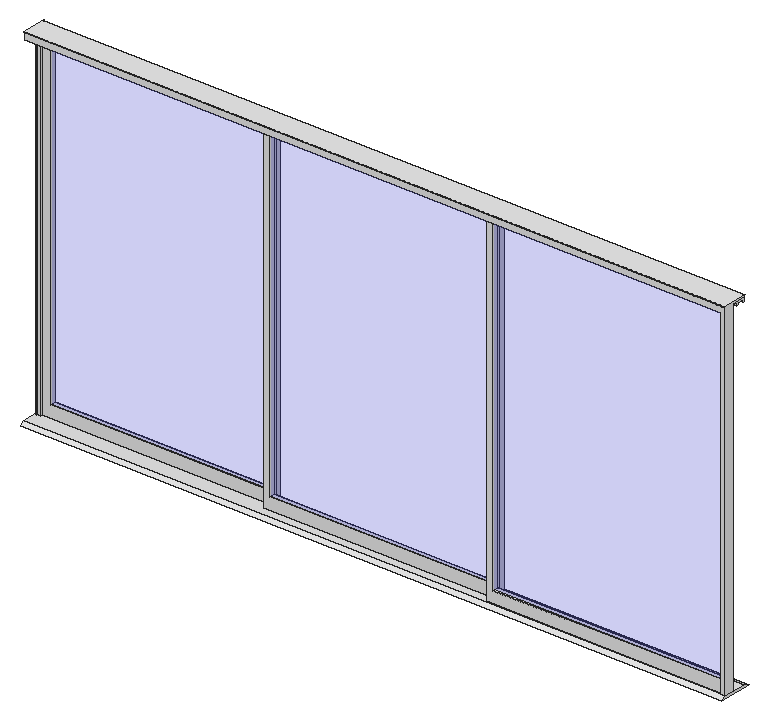
Revit family "Door-Sliding-Kawneer-1010_Mall_Front-OXX", category Doors, host Wall, Revit 2015
Parameters (values of type "16'x8' - 1" Glazing")
  Wall Thickness [instance] = 1' - 5"
  URL = "http://www.kawneer.com/kawneer/en/home.asp"
  Type Comments = "1\" Glazing"
  Threshold Material = Aluminum - Kawneer - Clear
  Threshold Height = 0' - 0 19/32"  # constant formula
  Thickness = 0' - 1 1/2"  # constant formula
  Shim Space = 0' - 0 1/4"
  Product data url = "https://bimobject.com/kawneerna/product/20681"
  Product Page URL = "http://www.kawneer.com/kawneer/north_america/en/bim.asp?prod_id=1846"
  Product Documentation Link = "http://www.kawneer.com/kawneer/north_america/en/product_related_doc.asp?prod_id=1846&doc_id=114"
  Percent Open [instance] = 0
  Panel Width Fixed = if(1 = 1, ((Width - 0' 2") / 3) + 0' 0 13/16" + (0' 1 3/4" / 2) + 0' 0 7/16", 1' 0")  # 5' - 5.45833"
  Panel Width = if(1 = 1, ((Width - 0' 2") / 3) + (0' 1 3/4" / 2) + 0' 0 7/16", 1' 0")  # 5' - 4.64583"
  Panel Open Percent [instance] = if(Percent Open < 101, ((Panel Width - 0' 1 3/4") * ((100 - Percent Open) / 100)), 0' 0")  # 5' - 2.89583"
  Panel Glazing Material [instance] = Glass - Kawneer - Clear
  Panel Finish [instance] = Aluminum - Kawneer - Clear
  Model = "1010 Sliding Mall Front"
  Manufacturer = "Kawneer"  # constant formula
  Intermediate Rail Height = 2' - 6"
  Height = 8' - 0"
  Has Intermediate Rail [instance] = no
  Glazing Thickness = 0' - 1"
  Function = Interior
  Frame Jamb Width = 0' - 1"  # constant formula
  Frame Inset [instance] = 0' - 0"
  Frame Head Width = 0' - 1 3/8"  # constant formula
  Frame Finish [instance] = Aluminum - Kawneer - Clear
  Wall Closure = By host
  Width = 16' - 0"
  Frame Depth = 0' - 6 9/16"  # constant formula
  Existing [instance] = no
  Description = "Sliding OXX"
  Copyright © = "2013 Kawneer"  # constant formula
  CTRL Wall Thickness [instance] = if(1 = 1, Wall Thickness, 1' 0")  # 1' - 5"
  CTRL Panel Height = Height - 0' 0 3/4" - Threshold Height  # 7' - 10 21/32"
  CTRL Panel Offset Left [instance] = if(1 = 1, Panel Width - 0' 1 3/4", 1' 0")  # 5' - 2.89583"
  CTRL Offset [instance] = if(Frame Inset < 0' 0", Frame Inset - Frame Inset - Frame Inset, 0' 0")  # 0' - 0"
  CTRL Inset [instance] = if(Frame Inset < 0' 0", 0' 0", Frame Inset)  # 0' - 0"
  CTRL Frame Sides Depth [instance] = 0' - 2 7/16"  # constant formula
  Assembly Code = "C1020110"
  Appear In Schedule = 0 = 0  # yes
Types (3): name | Type Comments | Glazing Thickness
  (no name) | "1\" Glazing" | 0' - 1"
  16'x8' - 1/4" Glazing | "1/4\" Glazing" | 0' - 0 1/4"
  16'x8' - 1" Glazing | "1\" Glazing" | 0' - 1"
Reference planes (in)
  plane 1 "Center (Front/Back)": y = 0
  plane 2 "Bottom": z = 0
  plane 3 "Center (Left/Right)": x = 0
  plane 4 "Top": z = 96
  plane 5 "Strike": x = -96
  plane 6 "Hinge": x = 96
  plane 7 "Wall Edge Exterior": y = 8.5
  plane 8 "Wall Edge Interior": y = -8.5
  plane 9 "Frame Inset": y = -3.28125
  plane 10 "Frame Offset": y = 0
  plane 11 "Operating Panel": x = -30.79167
  plane 12 "Interlock Panel 1 L/R": x = 32.10417
  plane 13 "Fixed Panel Right": x = 95.8125
  plane 14 "Fixed Panel Center": y = -2.0625
  plane 15 "Opening Right": x = 96.25
  plane 16 "Opening Left": x = -96.25
  plane 17 "Frame Right": x = 95
  plane 18 "Frame Left": x = -95
  plane 19 "Frame Head": z = 94.625
  plane 20 "Frame Exterior": y = 3.28125
  plane 21 "Exterior Frame Depth": y = 0.84375
  plane 22 "Interior Frame Depth": y = -0.84375
  plane 23 "Panel Active 1": y = 0
  plane 24 "Lock Jamb Panel Center": y = 2.0625
  plane 25 "Threshold Height": z = 0.59375
  plane 26 "Threshold Exterior": y = 4.53125
  plane 27 "Threshold Interior": y = -4.53125
  plane 28 "Frame Center F/B": y = 0
  plane 29 "Opening Top": z = 96.25
Forms (in)
  Sweep 1, solid, material "Aluminum - Kawneer - Clear" <- "Frame Finish"
    path origin (0, 0, 0) x (1, 0, 0) y (0, 0, 1)
      loop
        line (0, 0.59375) -> (0, 96)
    profile origin (0, 0, 48.29687) x (-1, 0, 0) y (0, -1, 0)
      loop
        line (95, -3.28125) -> (96, -3.28125) -> (96, -0.84375) -> (95, -0.84375) -> (95, -1.21875) -> (95.4375, -1.21875) -> (95.4375, -2.90625) -> (95, -2.90625) -> (95, -3.28125)
      loop
        line (-95, 0.84375) -> (-95, 1.21875) -> (-95.8125, 1.21875) -> (-95.8125, 2.90625) -> (-95, 2.90625) -> (-95, 3.28125) -> (-96, 3.28125) -> (-96, 0.84375) -> (-95, 0.84375)
  Sweep 2, solid, material "Aluminum - Kawneer - Clear" <- "Threshold Material"
    path origin (0, 0, 0) x (1, 0, 0) y (0, 0, 1)
      loop
        line (-96.25, 0.59375) -> (96.25, 0.59375)
    profile origin (0, 0, 0.59375) x (0, 0, 1) y (0, -1, 0)
      loop
        line (-0.59375, 4.53125) -> (-0.59375, -4.53125) -> (0, -3.28125) -> (0, 3.28125) -> (-0.59375, 4.53125)
  Sweep 3, solid, material "Aluminum - Kawneer - Clear" <- "Frame Finish"
    path origin (0, 0, 0) x (1, 0, 0) y (0, 0, 1)
      loop
        line (-96, 94.625) -> (96, 94.625)
    profile origin (0, 0, 94.625) x (0, 0, 1) y (0, -1, 0)
      loop
        line (-0.34375, 3.28125) -> (-0.34375, 2.90625) -> (0.625, 2.90625) -> (0.625, 1.21875) -> (0, 1.21875) -> (0, 0.84375) -> (0.625, 0.84375) -> (0.625, -0.84375) -> (0, -0.84375) -> (0, -1.21875) -> (0.625, -1.21875) -> (0.625, -2.90625) -> (0, -2.90625) -> (0, -3.28125) -> (1.375, -3.28125) -> (1.375, 3.28125) -> (-0.34375, 3.28125)
  Sweep 4, solid, material "Silicone - Kawneer - Gray"
    path origin (0, 0, 0) x (-1, 0, 0) y (0, 0, 1)
      loop
        line (96.25, 96) -> (-96.25, 96)
    profile "Shim-Kawneer-Profile-2D : Top" origin (0, 0, 96) x (0, 0, -1) y (0, 1, 0)
      loop
        line (-0.25, -3.25) -> (0, -3.125) -> (0, 3.125) -> (-0.25, 3.25) -> (-0.25, -3.25)
  Sweep 5, solid, material "Silicone - Kawneer - Gray"
    path origin (0, -2.0625, 0) x (-1, 0, 0) y (0, 0, 1)
      loop
        line (-96, 96.25) -> (-96, 0)
    profile "Shim-Kawneer-Profile-2D : Sides" origin (96, -2.0625, 48.125) x (-1, 0, 0) y (0, 1, 0)
      loop
        line (-0.25, -1.34375) -> (0, -1.21875) -> (0, 1.21875) -> (-0.25, 1.34375) -> (-0.25, -1.34375)
  Sweep 6, solid, material "Silicone - Kawneer - Gray"
    path origin (0, 2.0625, 0) x (-1, 0, 0) y (0, 0, 1)
      loop
        line (96, 96.25) -> (96, 0)
    profile "Shim-Kawneer-Profile-2D : Sides" origin (-96, 2.0625, 48.125) x (-1, 0, 0) y (0, 1, 0)
      loop
        line (0.25, -1.34375) -> (0.25, 1.34375) -> (0, 1.21875) -> (0, -1.21875) -> (0.25, -1.34375)
Cuts and joins
  joined: Sweep 1, Sweep 3
  joined: Sweep 4, Sweep 5, Sweep 6
Lines and regions (in)
  Opening 1
    outline origin (-60, -8.5, 0) x (1, 0, 0) y (0, 0, 1)
      loop
        line (-36.25, 96.25) -> (-36.25, 0) -> (156.25, 0) -> (156.25, 96.25) -> (-36.25, 96.25)
  Masking region 1, detail levels medium+fine
    outline origin (0, 0, 0.59375) x (-1, 0, 0) y (0, -1, 0)
      loop
        line (-95, 0.84375) -> (-95, 1.21875) -> (-95.8125, 1.21875) -> (-95.8125, 2.90625) -> (-95, 2.90625) -> (-95, 3.28125) -> (-96, 3.28125) -> (-96, 0.84375) -> (-95, 0.84375)
      loop
        line (95, -3.28125) -> (96, -3.28125) -> (96, -0.84375) -> (95, -0.84375) -> (95, -1.21875) -> (95.4375, -1.21875) -> (95.4375, -2.90625) -> (95, -2.90625) -> (95, -3.28125)
  Masking region 2, detail levels coarse
    outline origin (-0.8125, -0.08398, 0.59375) x (-1, 0, 0) y (0, -1, 0)
      loop
        line (-95.8125, 0.75977) -> (-95.8125, 3.19727) -> (-96.8125, 3.19727) -> (-96.8125, 0.75977) -> (-95.8125, 0.75977)
      loop
        line (94.1875, -3.36523) -> (95.1875, -3.36523) -> (95.1875, -0.92773) -> (94.1875, -0.92773) -> (94.1875, -3.36523)
  Masking region 3
    outline origin (-0.3125, -0.33398, 0.59375) x (-1, 0, 0) y (0, -1, 0)
      loop
        line (-96.3125, 0.50977) -> (-96.3125, 2.94727) -> (-96.5625, 2.94727) -> (-96.5625, 0.50977) -> (-96.3125, 0.50977)
      loop
        line (95.6875, -3.61523) -> (95.9375, -3.61523) -> (95.9375, -1.17773) -> (95.6875, -1.17773) -> (95.6875, -3.61523)
Text (in)
  text "EXTERIOR" at (-58.6888, 50.90694, 0), in view "Ref. Level"
  text "INTERIOR" at (-58.6888, -37.76638, 0), in view "Ref. Level"
  text "Exterior" at (0, 43.65631, 123.19604), in view "Left"
  text "Exterior" at (0, 18.29385, 125.04747), in view "Right"
Dimensions and locks (in)
  "Width": plane 5 "Strike" to plane 6 "Hinge"
  locked: plane 7 "Wall Edge Exterior" to host wall at 0
  "Wall Thickness": host wall to host wall
  "CTRL Wall Thickness": plane 7 "Wall Edge Exterior" to plane 8 "Wall Edge Interior"
  equal spacing: host wall, plane 1 "Center (Front/Back)", host wall
  equal spacing: plane 5 "Strike", plane 3 "Center (Left/Right)", plane 6 "Hinge"
  "Height": plane 4 "Top" to plane 2 "Bottom"
  "CTRL Offset": plane 10 "Frame Offset" to plane 1 "Center (Front/Back)"
  "Shim Space": plane 6 "Hinge" to plane 15 "Opening Right"
  "Shim Space": plane 16 "Opening Left" to plane 5 "Strike"
  "Frame Jamb Width": plane 5 "Strike" to plane 18 "Frame Left"
  "Frame Jamb Width": plane 17 "Frame Right" to plane 6 "Hinge"
  "Frame Head Width": plane 4 "Top" to plane 19 "Frame Head"
  "Frame Depth": plane 20 "Frame Exterior" to plane 9 "Frame Inset"
  "CTRL Frame Sides Depth": plane 20 "Frame Exterior" to plane 21 "Exterior Frame Depth"
  "CTRL Frame Sides Depth": plane 22 "Interior Frame Depth" to plane 9 "Frame Inset"
  locked: plane 20 "Frame Exterior" to Sweep 1 sketch curve at 0.375
  locked: Sweep 1 sketch curve to plane 21 "Exterior Frame Depth" at 0.375
  locked: Sweep 1 sketch curve to plane 18 "Frame Left" at 0.4375
  locked: plane 22 "Interior Frame Depth" to Sweep 1 sketch curve at 0.375
  locked: plane 9 "Frame Inset" to Sweep 1 sketch curve at 0.375
  equal spacing: plane 22 "Interior Frame Depth", plane 14 "Fixed Panel Center", plane 9 "Frame Inset"
  equal spacing: plane 20 "Frame Exterior", plane 24 "Lock Jamb Panel Center", plane 21 "Exterior Frame Depth"
  "Threshold Height": plane 25 "Threshold Height" to plane 2 "Bottom"
  locked: plane 9 "Frame Inset" to plane 27 "Threshold Interior" at 1.25
  locked: plane 26 "Threshold Exterior" to plane 20 "Frame Exterior" at 1.25
  locked: Sweep 3 sketch curve to plane 4 "Top" at 1.71875
  locked: Sweep 3 sketch curve to plane 19 "Frame Head" at 0.625
  locked: plane 13 "Fixed Panel Right" to plane 6 "Hinge" at 0.1875
  "CTRL Inset": plane 10 "Frame Offset" to plane 28 "Frame Center F/B"
  "Panel Open Percent": plane 11 "Operating Panel" to plane 12 "Interlock Panel 1 L/R"
  equal spacing: plane 20 "Frame Exterior", plane 28 "Frame Center F/B", plane 9 "Frame Inset"
  plane 23 "Panel Active 1" to plane 14 "Fixed Panel Center" = 0' - 2 1/16"
  "Panel Open Percent": plane 12 "Interlock Panel 1 L/R" to plane 17 "Frame Right"
  plane 18 "Frame Left" to plane 17 "Frame Right" = 15' - 10"
  "Shim Space": plane 29 "Opening Top" to plane 4 "Top"
  aligned and locked: level to plane 2 "Bottom"
  aligned and locked: Opening 1 sketch curve to plane 16 "Opening Left"
  aligned and locked: Opening 1 sketch curve to plane 15 "Opening Right"
  aligned and locked: Opening 1 sketch curve to plane 2 "Bottom"
  aligned and locked: plane 3 "Center (Left/Right)" to Sweep 1 sketch curve
  aligned and locked: Sweep 1 sketch curve to plane 21 "Exterior Frame Depth"
  aligned and locked: plane 5 "Strike" to Sweep 1 sketch curve
  aligned and locked: plane 20 "Frame Exterior" to Sweep 1 sketch curve
  aligned and locked: Sweep 1 sketch curve to plane 18 "Frame Left"
  aligned and locked: Sweep 1 sketch curve to plane 6 "Hinge"
  aligned and locked: plane 9 "Frame Inset" to Sweep 1 sketch curve
  aligned and locked: plane 17 "Frame Right" to Sweep 1 sketch curve  (x2)
  aligned and locked: Sweep 1 sketch curve to plane 22 "Interior Frame Depth"
  aligned and locked: nested 1 to plane 14 "Fixed Panel Center"
  aligned and locked: nested 2 to plane 23 "Panel Active 1"
  aligned and locked: nested 3 to plane 24 "Lock Jamb Panel Center"
  aligned and locked: plane 25 "Threshold Height" to Sweep 1 sketch curve
  aligned and locked: Sweep 2 sketch curve to plane 25 "Threshold Height"  (x2)
  aligned and locked: plane 2 "Bottom" to Sweep 2 sketch curve
  aligned and locked: plane 26 "Threshold Exterior" to Sweep 2 sketch curve
  aligned and locked: plane 20 "Frame Exterior" to Sweep 2 sketch curve
  aligned and locked: plane 27 "Threshold Interior" to Sweep 2 sketch curve
  aligned and locked: plane 9 "Frame Inset" to Sweep 2 sketch curve
  aligned and locked: plane 6 "Hinge" to Sweep 3 sketch curve
  aligned and locked: plane 5 "Strike" to Sweep 3 sketch curve
  aligned and locked: Sweep 3 sketch curve to plane 19 "Frame Head"
  aligned and locked: plane 4 "Top" to Sweep 3 sketch curve
  aligned and locked: plane 9 "Frame Inset" to Sweep 3 sketch curve
  aligned and locked: Sweep 3 sketch curve to plane 20 "Frame Exterior"
  aligned and locked: plane 19 "Frame Head" to Sweep 3 sketch curve  (x3)
  aligned and locked: Sweep 3 sketch curve to Sweep 1  (x4)
  aligned and locked: Sweep 3 sketch curve to plane 22 "Interior Frame Depth"
  aligned and locked: plane 21 "Exterior Frame Depth" to Sweep 3 sketch curve
  aligned and locked: Sweep 3 sketch curve to Sweep 3 sketch curve  (x2)
  aligned and locked: plane 4 "Top" to Sweep 1 sketch curve
  aligned and locked: nested 1 to plane 13 "Fixed Panel Right"
  aligned and locked: Sweep 1 sketch curve to plane 13 "Fixed Panel Right"
  aligned and locked: nested 3 to plane 11 "Operating Panel"
  aligned and locked: nested 2 to plane 12 "Interlock Panel 1 L/R"
  aligned and locked: plane 20 "Frame Exterior" to Masking region 1 sketch curve
  aligned and locked: plane 5 "Strike" to Masking region 1 sketch curve
  aligned and locked: Masking region 1 sketch curve to plane 21 "Exterior Frame Depth"
  aligned and locked: Masking region 1 sketch curve to plane 18 "Frame Left"  (x2)
  aligned and locked: cut or joined group of Sweep 1, Sweep 3 to Masking region 1 sketch curve
  aligned and locked: Masking region 1 sketch curve to cut or joined group of Sweep 1, Sweep 3  (x4)
  aligned and locked: Masking region 1 sketch curve to plane 13 "Fixed Panel Right"
  aligned and locked: plane 9 "Frame Inset" to Masking region 1 sketch curve
  aligned and locked: Masking region 1 sketch curve to plane 22 "Interior Frame Depth"
  aligned and locked: plane 17 "Frame Right" to Masking region 1 sketch curve  (x2)
  aligned and locked: Masking region 2 sketch curve to plane 18 "Frame Left"
  aligned and locked: plane 20 "Frame Exterior" to Masking region 2 sketch curve
  aligned and locked: Masking region 2 sketch curve to plane 21 "Exterior Frame Depth"
  aligned and locked: plane 5 "Strike" to Masking region 2 sketch curve
  aligned and locked: Masking region 2 sketch curve to plane 6 "Hinge"
  aligned and locked: plane 9 "Frame Inset" to Masking region 2 sketch curve
  aligned and locked: Masking region 2 sketch curve to plane 22 "Interior Frame Depth"
  aligned and locked: plane 17 "Frame Right" to Masking region 2 sketch curve
  aligned and locked: Masking region 1 sketch curve to plane 6 "Hinge"
  aligned and locked: Opening 1 sketch curve to plane 29 "Opening Top"
  aligned and locked: plane 16 "Opening Left" to Sweep 4 sketch curve
  aligned and locked: plane 15 "Opening Right" to Sweep 4 sketch curve
  aligned and locked: Sweep 4 sketch curve to plane 4 "Top"
  aligned and locked: Sweep 5 sketch curve to plane 2 "Bottom"
  aligned and locked: Sweep 5 sketch curve to plane 29 "Opening Top"
  aligned and locked: Sweep 5 sketch curve to plane 6 "Hinge"
  aligned and locked: plane 29 "Opening Top" to Sweep 6 sketch curve
  aligned and locked: plane 2 "Bottom" to Sweep 6 sketch curve
  aligned and locked: plane 15 "Opening Right" to Sweep 2 sketch curve
  aligned and locked: plane 16 "Opening Left" to Sweep 2 sketch curve
  aligned and locked: Masking region 3 sketch curve to plane 22 "Interior Frame Depth"
  aligned and locked: plane 9 "Frame Inset" to Masking region 3 sketch curve
  aligned and locked: Masking region 3 sketch curve to plane 15 "Opening Right"
  aligned and locked: plane 6 "Hinge" to Masking region 3 sketch curve
  aligned and locked: plane 16 "Opening Left" to Masking region 3 sketch curve
  aligned and locked: Masking region 3 sketch curve to plane 5 "Strike"
  aligned and locked: Masking region 3 sketch curve to plane 21 "Exterior Frame Depth"
  aligned and locked: plane 20 "Frame Exterior" to Masking region 3 sketch curve
Automatic sketch dimensions
  Sweep 1 sketch curve to Sweep 1 sketch curve = 0' - 0 7/16"
  plane 5 "Strike" to Sweep 6 sketch curve = 0' - 0"
Nested families (in)
  nested 1: "Panel-Sliding-Kawneer-1010" at (63.08333, -2.0625, 0.59375), built-in parameter 1001364 <- "Threshold Height", Height <- "CTRL Panel Height", Width <- "Panel Width Fixed", Has Intermediate Rail <- "Has Intermediate Rail", Panel Material <- "Panel Finish", Glazing Material <- "Panel Glazing Material", Thickness <- "Thickness", Rail Intermediate Height <- "Intermediate Rail Height", Glazing Thickness <- "Glazing Thickness", type "L-B Interlock - Fixed Jamb"
    with Width 5' - 5.45833", Thickness 0' - 1 1/2", Rail Intermediate Height 2' - 6", Panel Material Aluminum - Kawneer - Clear, Opens Right no, Opens Left no, Height 7' - 10 21/32", Has Intermediate Rail no, Glazing Thickness 0' - 1", Glazing Material Glass - Kawneer - Clear, CTRL Rail Intermediate Height 2' - 6", CTRL Rail Intermediate 0' - 0", CTRL Open Arrow no, Stile Right 0' - 0 13/16", Rail Head 0' - 1 1/8", Rail Bottom 0' - 3 1/4", Has Interlock Back Left yes
  nested 2: "Panel-Sliding-Kawneer-1010" at (-0.21875, 0, 0.59375), built-in parameter 1001364 <- "Threshold Height", Height <- "CTRL Panel Height", Width <- "Panel Width", Has Intermediate Rail <- "Has Intermediate Rail", Panel Material <- "Panel Finish", Glazing Material <- "Panel Glazing Material", Thickness <- "Thickness", Rail Intermediate Height <- "Intermediate Rail Height", Glazing Thickness <- "Glazing Thickness", type "L-B Interlock - R-F Interlock"
    with Width 5' - 4.64583", Thickness 0' - 1 1/2", Rail Intermediate Height 2' - 6", Panel Material Aluminum - Kawneer - Clear, Opens Right yes, Opens Left no, Height 7' - 10 21/32", Has Intermediate Rail no, Glazing Thickness 0' - 1", Glazing Material Glass - Kawneer - Clear, CTRL Rail Intermediate Height 2' - 6", CTRL Rail Intermediate 0' - 0", CTRL Open Arrow yes, Rail Head 0' - 1 1/8", Rail Bottom 0' - 3 1/4", Has Interlock Front Right yes, Has Interlock Back Left yes
  nested 3: "Panel-Sliding-Kawneer-1010" at (-63.11458, 2.0625, 0.59375), built-in parameter 1001364 <- "Threshold Height", Height <- "CTRL Panel Height", Width <- "Panel Width", Has Intermediate Rail <- "Has Intermediate Rail", Panel Material <- "Panel Finish", Glazing Material <- "Panel Glazing Material", Thickness <- "Thickness", Rail Intermediate Height <- "Intermediate Rail Height", Glazing Thickness <- "Glazing Thickness", type "Lock Jamb - R-F Interlock"
    with Width 5' - 4.64583", Thickness 0' - 1 1/2", Rail Intermediate Height 2' - 6", Panel Material Aluminum - Kawneer - Clear, Opens Right yes, Opens Left no, Height 7' - 10 21/32", Has Intermediate Rail no, Glazing Thickness 0' - 1", Glazing Material Glass - Kawneer - Clear, CTRL Rail Intermediate Height 2' - 6", CTRL Rail Intermediate 0' - 0", CTRL Open Arrow yes, Stile Left 0' - 2 29/32", Rail Head 0' - 1 1/8", Rail Bottom 0' - 3 1/4", Has Interlock Front Right yes
Definition of nested family "Panel-Sliding-Kawneer-1010"
  Parameters
    Width [instance] = 3' - 0"
    Thickness [instance] = 0' - 1 1/2"
    Stile Right = 0' - 1 3/4"
    Stile Left = 0' - 1 3/4"
    Rail Intermediate Height [instance] = 2' - 6"
    Rail Intermediate = 0' - 1 3/4"
    Rail Head = 0' - 3"
    Rail Bottom = 0' - 7"
    Panel Material [instance] = none
    Opens Right [instance] = no
    Opens Left [instance] = no
    Manufacturer = "Kawneer"  # constant formula
    Height [instance] = 7' - 0"
    Has Intermediate Rail [instance] = no
    Has Interlock Front Right = no
    Has Interlock Front Left = no
    Has Interlock Back Right = no
    Has Interlock Back Left = no
    Glazing Thickness [instance] = 0' - 0 1/4"
    Glazing Material [instance] = none
    Description = "Storefront Mall Sliding 1010 Panel"  # constant formula
    CTRL Rail Intermediate Height [instance] = if(Height < Rail Intermediate Height, Height / 2, Rail Intermediate Height)  # 2' - 6"
    CTRL Rail Intermediate [instance] = if(Has Intermediate Rail, Rail Intermediate, 0' 0")  # 0' - 0"
    CTRL Open Arrow [instance] = or(Opens Right, Opens Left)  # no
  Reference planes (in)
    plane 1 "Center (Front/Back)": y = 0
    plane 2 "Original Bottom": z = 0
    plane 3 "Center (Left/Right)": x = 0
    plane 4 "Back": y = 0.75
    plane 5 "Front": y = -0.75
    plane 6 "Left": x = -18
    plane 7 "Right": x = 18
    plane 8: z = 84
    plane 9 "Left Stile R": x = -16.25
    plane 10 "Right Stile L": x = 16.25
    plane 11 "Head Rail B": z = 81
    plane 12 "Bottom Rail T": z = 7
    plane 13 "Glazing Back": y = 0.125
    plane 14 "Glazing Front": y = -0.125
    plane 15 "Interlock Front": y = -1.25
    plane 16 "Interlock Back": y = 1.25
    plane 17 "Right Interlock Center": x = 17.125
    plane 18 "Left Interlock Center": x = -17.125
    plane 19 "Intermediate Top": z = 31.75
    plane 20 "Intermediate Glass Top": z = 31.75
    plane 21 "Intermediate Bottom": z = 30
    plane 22 "Center Elevation": z = 42
  Forms (in)
    Sweep 1, solid, material <- "Panel Material"
      path origin (0, 0, 0) x (1, 0, 0) y (0, 1, 0)
        loop
          line (0, -0.75) -> (0, 0.75)
      profile origin (0, 0, 0) x (-1, 0, 0) y (0, 0, 1)
        loop
          line (18, 84) -> (-18, 84) -> (-18, 0) -> (18, 0) -> (18, 84)
        loop
          line (16.25, 81) -> (-16.25, 81) -> (-16.25, 7) -> (16.25, 7) -> (16.25, 81)
    Extrusion 2, solid, material <- "Glazing Material"
      sketch origin (0, 0, 0) x (1, 0, 0) y (0, 0, 1)
        loop
          line (-16.25, 81) -> (-16.25, 31.75) -> (16.25, 31.75) -> (16.25, 81) -> (-16.25, 81)
      from -0.125 to 0.125
    Sweep 3, solid, material <- "Panel Material", visible <- "Has Interlock Back Right", detail levels medium+fine
      path origin (0, 0.75, 0) x (-1, 0, 0) y (0, 0, 1)
        loop
          line (-17.125, 0) -> (-17.125, 84)
      profile origin (17.125, 0.75, 42) x (1, 0, 0) y (0, 1, 0)
        loop
          line (0, 0.5) -> (0, 0) -> (0.875, 0) -> (0.875, 0.5) -> (0, 0.5)
    Sweep 4, solid, material <- "Panel Material", visible <- "Has Interlock Back Left", detail levels medium+fine
      path origin (0, 0.75, 0) x (1, 0, 0) y (0, 0, 1)
        loop
          line (-17.125, 0) -> (-17.125, 84)
      profile origin (-17.125, 0.75, 42) x (1, 0, 0) y (0, 1, 0)
        loop
          line (0, 0.5) -> (-0.875, 0.5) -> (-0.875, 0) -> (0, 0) -> (0, 0.5)
    Sweep 5, solid, material <- "Panel Material", visible <- "Has Interlock Front Left", detail levels medium+fine
      path origin (0, -0.75, 0) x (-1, 0, 0) y (0, 0, 1)
        loop
          line (17.125, 0) -> (17.125, 84)
      profile origin (-17.125, -0.75, 42) x (1, 0, 0) y (0, 1, 0)
        loop
          line (-0.875, 0) -> (-0.875, -0.5) -> (0, -0.5) -> (0, 0) -> (-0.875, 0)
    Sweep 6, solid, material <- "Panel Material", visible <- "Has Interlock Front Right", detail levels medium+fine
      path origin (0, -0.75, 0) x (1, 0, 0) y (0, 0, 1)
        loop
          line (17.125, 0) -> (17.125, 84)
      profile origin (17.125, -0.75, 42) x (1, 0, 0) y (0, 1, 0)
        loop
          line (0.875, 0) -> (0, 0) -> (0, -0.5) -> (0.875, -0.5) -> (0.875, 0)
    Extrusion 7, solid, material <- "Glazing Material"
      sketch origin (-1, 0, -39) x (1, 0, 0) y (0, 0, 1)
        loop
          line (-15.25, 70.75) -> (-15.25, 46) -> (17.25, 46) -> (17.25, 70.75) -> (-15.25, 70.75)
      from -0.125 to 0.125
    Sweep 8, solid, material <- "Panel Material", visible <- "Has Intermediate Rail"
      path origin (0, 0, 0) x (1, 0, 0) y (0, 0, 1)
        loop
          line (-16.25, 31.75) -> (16.25, 31.75)
      profile origin (0, 0, 31.75) x (0, 0, 1) y (0, -1, 0)
        loop
          line (0, 0.75) -> (-1.75, 0.75) -> (-1.75, -0.75) -> (0, -0.75) -> (0, 0.75)
  Cuts and joins
    joined: Extrusion 2, Extrusion 7
  Lines and regions (in)
    Masking region 1
      outline origin (0, 0, 7) x (-1, 0, 0) y (0, -1, 0)
        loop
          line (18, -0.75) -> (18, 0.75) -> (16.25, 0.75) -> (16.25, -0.75) -> (18, -0.75)
        loop
          line (-16.25, -0.75) -> (-16.25, 0.75) -> (-18, 0.75) -> (-18, -0.75) -> (-16.25, -0.75)
    Masking region 2
      outline origin (0, 0, 7) x (-1, 0, 0) y (0, -1, 0)
        loop
          line (16.25, -0.75) -> (16.25, 0.75) -> (-16.25, 0.75) -> (-16.25, -0.75) -> (16.25, -0.75)
    Masking region 3, detail levels fine
      outline origin (0, 0, 7) x (-1, 0, 0) y (0, -1, 0)
        loop
          line (16.25, -0.125) -> (16.25, 0.125) -> (-16.25, 0.125) -> (-16.25, -0.125) -> (16.25, -0.125)
    Masking region 4, visible <- "Has Interlock Back Left", detail levels medium+fine
      outline origin (0, 0, 7) x (-1, 0, 0) y (0, -1, 0)
        loop
          line (18, -1.25) -> (18, -0.75) -> (17.125, -0.75) -> (17.125, -1.25) -> (18, -1.25)
    Masking region 5, visible <- "Has Interlock Back Right", detail levels medium+fine
      outline origin (0, 0, 7) x (0, -1, 0) y (1, 0, 0)
        loop
          line (-1.25, 18) -> (-1.25, 17.125) -> (-0.75, 17.125) -> (-0.75, 18) -> (-1.25, 18)
    Masking region 6, visible <- "Has Interlock Front Right", detail levels medium+fine
      outline origin (0, 0, 7) x (1, 0, 0) y (0, 1, 0)
        loop
          line (18, -1.25) -> (18, -0.75) -> (17.125, -0.75) -> (17.125, -1.25) -> (18, -1.25)
    Masking region 7, visible <- "Has Interlock Front Left", detail levels medium+fine
      outline origin (0, 0, 7) x (0, 1, 0) y (-1, 0, 0)
        loop
          line (-1.25, 18) -> (-1.25, 17.125) -> (-0.75, 17.125) -> (-0.75, 18) -> (-1.25, 18)
    symbolic lines, detail levels coarse+medium
      curve 1: line (-16.25, 0, 7) -> (16.25, 0, 7)
    model lines, visible <- "CTRL Open Arrow", detail levels medium+fine
      curve 2: line (-4, -0.125, 42) -> (4, -0.125, 42)
      curve 7: line (-4, 0.125, 42) -> (4, 0.125, 42)
    model lines, visible <- "Opens Right", detail levels medium+fine
      curve 3: line (2.58579, -0.125, 43.41421) -> (4, -0.125, 42)
      curve 4: line (2.58579, -0.125, 40.58579) -> (4, -0.125, 42)
      curve 8: line (2.58579, 0.125, 43.41421) -> (4, 0.125, 42)
      curve 9: line (2.58579, 0.125, 40.58579) -> (4, 0.125, 42)
    model lines, visible <- "Opens Left", detail levels medium+fine
      curve 5: line (-2.58579, -0.125, 43.41421) -> (-4, -0.125, 42)
      curve 6: line (-2.58579, -0.125, 40.58579) -> (-4, -0.125, 42)
      curve 10: line (-2.58579, 0.125, 43.41421) -> (-4, 0.125, 42)
      curve 11: line (-2.58579, 0.125, 40.58579) -> (-4, 0.125, 42)
  Dimensions and locks (in)
    "Thickness": plane 4 "Back" to plane 5 "Front"
    equal spacing: plane 4 "Back", plane 1 "Center (Front/Back)", plane 5 "Front"
    "Height": plane 8 to plane 2 "Original Bottom"
    equal spacing: plane 6 "Left", plane 3 "Center (Left/Right)", plane 7 "Right"
    "Width": plane 6 "Left" to plane 7 "Right"
    "Stile Left": plane 6 "Left" to plane 9 "Left Stile R"
    "Stile Right": plane 10 "Right Stile L" to plane 7 "Right"
    "Rail Bottom": plane 12 "Bottom Rail T" to plane 2 "Original Bottom"
    "Rail Head": plane 8 to plane 11 "Head Rail B"
    equal spacing: plane 13 "Glazing Back", plane 1 "Center (Front/Back)", plane 14 "Glazing Front"
    "Glazing Thickness": plane 13 "Glazing Back" to plane 14 "Glazing Front"
    locked: plane 5 "Front" to plane 15 "Interlock Front" at 0.5
    locked: plane 16 "Interlock Back" to plane 4 "Back" at 0.5
    equal spacing: plane 7 "Right", plane 17 "Right Interlock Center", plane 10 "Right Stile L"
    equal spacing: plane 6 "Left", plane 18 "Left Interlock Center", plane 9 "Left Stile R"
    "CTRL Rail Intermediate": plane 19 "Intermediate Top" to plane 20 "Intermediate Glass Top"
    "Rail Intermediate": plane 19 "Intermediate Top" to plane 21 "Intermediate Bottom"
    "CTRL Rail Intermediate Height": plane 21 "Intermediate Bottom" to plane 2 "Original Bottom"
    equal spacing: plane 8, plane 22 "Center Elevation", plane 2 "Original Bottom"
    equal spacing: curve 2, plane 3 "Center (Left/Right)", curve 2, locked at 4 each
    curve 3 to curve 3 = 0' - 1.41421"
    equal spacing: curve 3, plane 22 "Center Elevation", curve 4, locked at 1.41421 each
    curve 5 to plane 22 "Center Elevation" to curve 6 = 0' - 1.41421" locked, 0' - 1.41421" locked
    curve 7 to curve 7 = 0' - 8"
    equal spacing: curve 7, plane 3 "Center (Left/Right)", curve 7, locked at 4 each
    equal spacing: curve 8, plane 22 "Center Elevation", curve 9, locked at 1.41421 each
    equal spacing: curve 10, plane 22 "Center Elevation", curve 11, locked at 1.41421 each
    aligned and locked: plane 2 "Original Bottom" to level
    aligned and locked: plane 4 "Back" to Sweep 1 sketch curve
    aligned and locked: plane 5 "Front" to Sweep 1 sketch curve
    aligned and locked: plane 3 "Center (Left/Right)" to Sweep 1 sketch curve
    aligned and locked: plane 2 "Original Bottom" to Sweep 1 sketch curve
    aligned and locked: Sweep 1 sketch curve to plane 7 "Right"
    aligned and locked: Sweep 1 sketch curve to plane 8
    aligned and locked: Sweep 1 sketch curve to plane 6 "Left"
    aligned and locked: Sweep 1 sketch curve to plane 11 "Head Rail B"
    aligned and locked: Sweep 1 sketch curve to plane 9 "Left Stile R"
    aligned and locked: plane 12 "Bottom Rail T" to Sweep 1 sketch curve
    aligned and locked: plane 10 "Right Stile L" to Sweep 1 sketch curve
    aligned and locked: plane 10 "Right Stile L" to Extrusion 2 sketch curve
    aligned and locked: Extrusion 2 sketch curve to plane 9 "Left Stile R"
    aligned and locked: Extrusion 2 sketch curve to plane 11 "Head Rail B"
    aligned and locked: plane 13 "Glazing Back" to Extrusion 2
    aligned and locked: Extrusion 2 to plane 14 "Glazing Front"
    aligned and locked: plane 8 to Sweep 3 sketch curve
    aligned and locked: plane 2 "Original Bottom" to Sweep 3 sketch curve
    aligned and locked: plane 17 "Right Interlock Center" to Sweep 3 sketch curve  (x2)
    aligned and locked: Sweep 3 sketch curve to plane 7 "Right"
    aligned and locked: profile plane to Sweep 3 sketch curve
    aligned and locked: Sweep 3 sketch curve to plane 16 "Interlock Back"
    aligned and locked: plane 8 to Sweep 4 sketch curve
    aligned and locked: Sweep 4 sketch curve to plane 18 "Left Interlock Center"  (x2)
    aligned and locked: plane 2 "Original Bottom" to Sweep 4 sketch curve
    aligned and locked: plane 16 "Interlock Back" to Sweep 4 sketch curve
    aligned and locked: plane 6 "Left" to Sweep 4 sketch curve
    aligned and locked: Sweep 4 sketch curve to plane 4 "Back"
    aligned and locked: Sweep 5 sketch curve to plane 6 "Left"
    aligned and locked: plane 15 "Interlock Front" to Sweep 5 sketch curve
    aligned and locked: Sweep 5 sketch curve to plane 5 "Front"
    aligned and locked: plane 18 "Left Interlock Center" to Sweep 5 sketch curve
    aligned and locked: Sweep 5 sketch curve to plane 18 "Left Interlock Center"
    aligned and locked: plane 8 to Sweep 5 sketch curve
    aligned and locked: plane 2 "Original Bottom" to Sweep 5 sketch curve
    aligned and locked: plane 7 "Right" to Sweep 6 sketch curve
    aligned and locked: Sweep 6 sketch curve to plane 15 "Interlock Front"
    aligned and locked: plane 5 "Front" to Sweep 6 sketch curve
    aligned and locked: Sweep 6 sketch curve to plane 17 "Right Interlock Center"
    aligned and locked: plane 2 "Original Bottom" to Sweep 6 sketch curve
    aligned and locked: plane 8 to Sweep 6 sketch curve
    aligned and locked: plane 17 "Right Interlock Center" to Sweep 6 sketch curve
    aligned and locked: plane 19 "Intermediate Top" to Extrusion 2 sketch curve
    aligned and locked: Extrusion 7 sketch curve to plane 20 "Intermediate Glass Top"
    aligned and locked: plane 12 "Bottom Rail T" to Extrusion 7 sketch curve
    aligned and locked: plane 10 "Right Stile L" to Extrusion 7 sketch curve
    aligned and locked: Extrusion 7 sketch curve to plane 9 "Left Stile R"
    aligned and locked: plane 9 "Left Stile R" to Sweep 8 sketch curve
    aligned and locked: plane 10 "Right Stile L" to Sweep 8 sketch curve
    aligned and locked: Sweep 8 sketch curve to plane 19 "Intermediate Top"  (x2)
    aligned and locked: plane 21 "Intermediate Bottom" to Sweep 8 sketch curve
    aligned and locked: Sweep 8 sketch curve to plane 4 "Back"
    aligned and locked: plane 5 "Front" to Sweep 8 sketch curve
    aligned and locked: Masking region 1 sketch curve to plane 7 "Right"
    aligned and locked: Masking region 1 sketch curve to plane 10 "Right Stile L"
    aligned and locked: Masking region 1 sketch curve to plane 4 "Back"  (x2)
    aligned and locked: plane 5 "Front" to Masking region 1 sketch curve  (x2)
    aligned and locked: plane 9 "Left Stile R" to Masking region 1 sketch curve
    aligned and locked: Masking region 1 sketch curve to plane 6 "Left"
    aligned and locked: Masking region 2 sketch curve to plane 4 "Back"
    aligned and locked: plane 5 "Front" to Masking region 2 sketch curve
    aligned and locked: Masking region 2 sketch curve to plane 9 "Left Stile R"
    aligned and locked: plane 10 "Right Stile L" to Masking region 2 sketch curve
    aligned and locked: Masking region 3 sketch curve to plane 13 "Glazing Back"
    aligned and locked: Masking region 3 sketch curve to plane 9 "Left Stile R"
    aligned and locked: plane 10 "Right Stile L" to Masking region 3 sketch curve
    aligned and locked: plane 14 "Glazing Front" to Masking region 3 sketch curve
    aligned and locked: plane 9 "Left Stile R" to curve 1
    aligned and locked: plane 10 "Right Stile L" to curve 1
    aligned and locked: plane 1 "Center (Front/Back)" to curve 1
    aligned and locked: Masking region 4 sketch curve to plane 6 "Left"
    aligned and locked: plane 4 "Back" to Masking region 4 sketch curve
    aligned and locked: plane 18 "Left Interlock Center" to Masking region 4 sketch curve
    aligned and locked: Masking region 4 sketch curve to plane 16 "Interlock Back"
    aligned and locked: plane 7 "Right" to Masking region 5 sketch curve
    aligned and locked: plane 16 "Interlock Back" to Masking region 5 sketch curve
    aligned and locked: Masking region 5 sketch curve to plane 4 "Back"
    aligned and locked: Masking region 5 sketch curve to plane 17 "Right Interlock Center"
    aligned and locked: plane 15 "Interlock Front" to Masking region 6 sketch curve
    aligned and locked: plane 17 "Right Interlock Center" to Masking region 6 sketch curve
    aligned and locked: Masking region 6 sketch curve to plane 7 "Right"
    aligned and locked: Masking region 6 sketch curve to plane 5 "Front"
    aligned and locked: plane 13 "Glazing Back" to cut or joined group of Extrusion 2, Extrusion 7
    aligned and locked: cut or joined group of Extrusion 2, Extrusion 7 to plane 14 "Glazing Front"
    aligned and locked: plane 6 "Left" to Masking region 7 sketch curve
    aligned and locked: Masking region 7 sketch curve to plane 15 "Interlock Front"
    aligned and locked: Masking region 7 sketch curve to plane 18 "Left Interlock Center"
    aligned and locked: plane 5 "Front" to Masking region 7 sketch curve
    aligned and locked: plane 22 "Center Elevation" to curve 3
    aligned and locked: curve 7 to plane 22 "Center Elevation"
    aligned and locked: plane 22 "Center Elevation" to curve 9
  Automatic sketch dimensions
    plane 3 "Center (Left/Right)" to curve 2 = 0' - 4"
    curve 4 to plane 22 "Center Elevation" = 0' - 1.41421"
    curve 5 to curve 2 = 0' - 1.41421"
    curve 2 to curve 3 = 0' - 1.41421"
    plane 3 "Center (Left/Right)" to curve 7 = 0' - 4"
    plane 22 "Center Elevation" to curve 8 = 0' - 1.41421"
    curve 7 to curve 8 = 0' - 1.41421"
    curve 11 to curve 7 = 0' - 1.41421"
    curve 11 to plane 22 "Center Elevation" = 0' - 1.41421"
